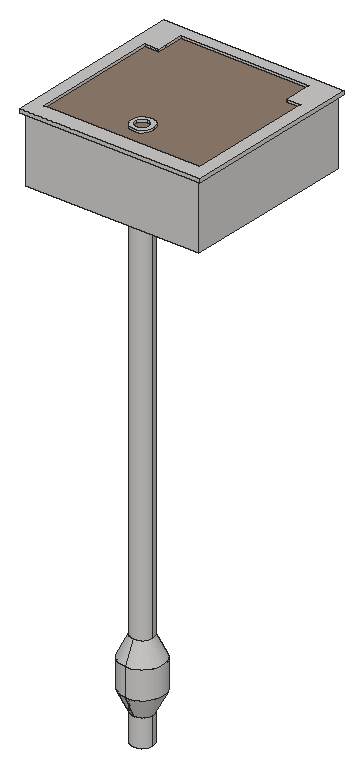
Revit family
Parameters (values of type "5810-02")
  Width = 6 1/2"
  Weight (lb) = 12.5
  Waste Connection = no
  Warranty = "1 year material and workmanship"  # constant formula
  Vent Connection = no
  URL = "http://www.jrsmith.com"
  Technical and Installation = "http://www.jrsmith.com/products/hyd/techdata/hydrants_technical_data.htm"
  SmartBIM Object Version = 3  # constant formula
  SmartBIM Object Created By = "Reed Construction Data"  # constant formula
  Product URL = "http://www.jrsmith.com/products/hyd/submittal/d5810.pdf"
  Pipe Size = 3/4"
  OmniClass Title = "Facility Water Distribution and Piping"  # constant formula
  OmniClass Code = "22-22 11 13"  # constant formula
  Model = "5810"  # constant formula
  Material Finish = Bronze
  Material = Stainless Steel
  Manufacturer = "Jay R. Smith Mfg. Co. "  # constant formula
  HW Connection = no
  Flow Rate = ""
  Description = "Bronze non-freeze ground hydrant with T handle key and bronze hydrant box"  # constant formula
  Depth of Bury = 20"
  Depth = 6 1/2"
  Capacity = ""
  CW Connection = no
  Assembly Code = "D2020300"
  Action = "Key Turn"
  95 CSI = "15100"  # constant formula
  04 CSI = "22 11 13"  # constant formula
Types (9): name | Weight (lb)
  (no name) | 12.5
  5810-02 | 12.5
  5810-03 | 13.09
  5810-04 | 14.89
  5810-05 | 16.27
  5810-06 | 17.93
  5810-07 | 19.65
  5810-08 | 21.32
  5810-SAP | 9.48
Reference planes (in)
  plane 1 "Center (Front/Back)": y = 0
  plane 2: z = 0
  plane 3 "Center (Left/Right)": x = 0
  plane 4: z = 0.125
  plane 5: z = 0
  plane 6: x = -3.25
  plane 7: x = 3.25
  plane 8: y = 3.25
  plane 9: y = -3.25
  plane 10: z = 0.0625
  plane 11: z = -2.375
  plane 12: z = -2.25
  plane 13: x = -3.25
  plane 14: x = 3.125
  plane 15: y = 3.125
  plane 16: y = -3.125
  plane 17: x = 3.125
  plane 18: x = -3.125
  plane 19: x = -3
  plane 20: x = 3
  plane 21: y = 3
  plane 22: y = -3
  plane 23: y = -1.77673
  plane 24: y = -1.77673
  plane 25: z = -19.875
  plane 26: z = -18.875
  plane 27: y = -1.77673
Forms (in)
  Extrusion 1, solid, material "Stainless Steel" <- "Material"
    sketch origin (-66.61573, 53.25, 0.12439) x (-1, 0, 0) y (0, -1, 0)
      loop
        line (-69.86573, 50) -> (-63.36573, 50) -> (-63.36573, 56.5) -> (-69.86573, 56.5) -> (-69.86573, 50)
      loop
        line (-69.43604, 55.975) -> (-69.43604, 51.40625) -> (-68.93448, 51.40625) -> (-68.93448, 50.40625) -> (-64.29698, 50.40625) -> (-64.29698, 51.40625) -> (-63.79698, 51.40625) -> (-63.79698, 55.975) -> (-69.43604, 55.975)
    from -0.12439 to 0.00061
  Extrusion 2, solid, material "Bronze" <- "Material Finish"
    sketch origin (-66.61573, 53.25, 0.12439) x (-1, 0, 0) y (0, -1, 0)
      loop
        line (-64.29698, 50.40625) -> (-64.29698, 51.40625) -> (-63.79698, 51.40625) -> (-63.79698, 55.975) -> (-69.43604, 55.975) -> (-69.43604, 51.40625) -> (-68.93448, 51.40625) -> (-68.93448, 50.40625) -> (-64.29698, 50.40625)
    from -0.12439 to -0.06189
  Extrusion 3, solid, material "Stainless Steel" <- "Material"
    sketch origin (-66.61573, 53.25, 0.12439) x (-1, 0, 0) y (0, -1, 0)
      loop
        circle (-66.61573, 55.0281) r 0.39706
      loop
        circle (-66.61573, 55.0281) r 0.25
    from 0.00061 to -0.06189
  Extrusion 4, solid, material "Stainless Steel" <- "Material"
    sketch origin (-66.61573, 53.25, 0.12439) x (-1, 0, 0) y (0, -1, 0)
      loop
        line (-69.74073, 50.125) -> (-63.49073, 50.125) -> (-63.49073, 56.375) -> (-69.74073, 56.375) -> (-69.74073, 50.125)
    from -0.12439 to -2.49939
  Extrusion 5, void
    sketch origin (0, 0, 0) x (1, 0, 0) y (0, 0, 1)
      loop
        line (-3, 0) -> (-3, -2.25) -> (3, -2.25) -> (3, 0) -> (-3, 0)
    from -3 to 3
  Extrusion 6, solid, material "Stainless Steel" <- "Material"
    sketch origin (-0.0022, 0.00333, 7.25) x (1, 0, 0) y (0, 1, 0)
      loop
        circle (0.0022, -1.78005) r 0.375
    from -23.63114 to -9.625
  Revolve 7, solid, material "Stainless Steel" <- "Material"
    sketch origin (-0.0022, 0.00333, 7.25) x (0, 1, 0) y (0, 0, 1)
      loop
        line (-1.40505, -26.125) -> (-1.02673, -25.37807) -> (-1.02673, -24.37807) -> (-1.40505, -23.63114) -> (-1.40505, -26.125)
      axis (-1.78005, -26.125) -> (-1.78005, -23.63114)
    angle from 0 to 360
  Extrusion 8, solid, material "Stainless Steel" <- "Material"
    sketch origin (-0.0022, -1.49667, 7.25) x (1, 0, 0) y (0, 1, 0)
      loop
        circle (0.0022, -0.28005) r 0.375
    from -26.125 to -27.125
Cuts and joins
  Extrusion 5 cuts Extrusion 1
  Extrusion 5 cuts Extrusion 2
  Extrusion 5 cuts Extrusion 4
Lines and regions (in)
  sketch lines
    curve 1: line (-60, 60, 0) -> (60, 60, 0)
    curve 2: line (-60, 60, 0) -> (-60, -60, 0)
    curve 3: line (-60, -60, 0) -> (60, -60, 0)
    curve 4: line (60, 60, 0) -> (60, -60, 0)
Dimensions and locks (in)
  equal spacing: curve 3, plane 1 "Center (Front/Back)", curve 1
  equal spacing: curve 4, plane 3 "Center (Left/Right)", curve 2
  curve 3 to curve 1 = 120"
  curve 2 to curve 4 = 120"
  locked: plane 4 to plane 5 at 0.125
  equal spacing: plane 6, plane 3 "Center (Left/Right)", plane 7
  "Width": plane 6 to plane 7
  equal spacing: plane 9, plane 1 "Center (Front/Back)", plane 8
  "Depth": plane 8 to plane 9
  locked: plane 4 to plane 10 at 0.0625
  locked: plane 4 to plane 11 at 2.5
  locked: plane 12 to plane 11 at 0.125
  plane 13 to plane 6 = 0"
  locked: plane 14 to plane 7 at 0.125
  locked: plane 8 to plane 15 at 0.125
  locked: plane 9 to plane 16 at 0.125
  locked: plane 9 to Extrusion 3 sketch curve at 1.4719
  locked: plane 17 to plane 7 at 0.125
  locked: plane 19 to plane 18 at 0.125
  locked: plane 20 to plane 17 at 0.125
  locked: plane 15 to plane 21 at 0.125
  locked: plane 16 to plane 22 at 0.125
  locked: plane 13 to plane 18 at 0.125
  locked: Revolve 7 sketch curve to Revolve 7 sketch curve at 0.375
  locked: Revolve 7 sketch curve to Revolve 7 sketch curve at 0.37833
  locked: plane 25 to plane 26 at 1
  "Depth of Bury": plane 4 to plane 25
  plane 26 to Revolve 7 sketch curve to Revolve 7 sketch curve to Revolve 7 sketch curve = 0.74693" locked, 1" locked, 0.74693" locked
  locked: plane 23 to plane 1 "Center (Front/Back)" at 1.77673
  locked: plane 1 "Center (Front/Back)" to plane 27 at 1.77673
  radius of Extrusion 6 sketch curve = 3/8"
  radius of Extrusion 8 sketch curve = 3/8"
  aligned and locked: plane 2 to plane 5
  aligned and locked: Extrusion 3 to plane 10
  aligned and locked: plane 4 to Extrusion 3
  aligned and locked: Extrusion 2 to level
  aligned and locked: Extrusion 2 to Extrusion 3
  aligned and locked: plane 15 to Extrusion 4 sketch curve
  aligned and locked: plane 16 to Extrusion 4 sketch curve
  aligned and locked: Extrusion 2 sketch curve to Extrusion 1  (x8)
  aligned and locked: plane 3 "Center (Left/Right)" to Extrusion 3 sketch curve
  aligned and locked: Extrusion 4 to plane 17
  aligned and locked: Extrusion 4 to plane 11
  aligned and locked: Extrusion 4 to plane 18
  aligned and locked: Extrusion 5 sketch curve to plane 19
  aligned and locked: Extrusion 5 sketch curve to plane 5
  aligned and locked: Extrusion 5 sketch curve to plane 12
  aligned and locked: plane 20 to Extrusion 5 sketch curve
  aligned and locked: plane 22 to cut or joined group of Extrusion 4, Extrusion 5
  aligned and locked: plane 21 to cut or joined group of Extrusion 4, Extrusion 5
  aligned and locked: plane 23 to Extrusion 6 sketch curve
  aligned and locked: plane 11 to Extrusion 6
  aligned and locked: plane 3 "Center (Left/Right)" to Extrusion 6 sketch curve
  aligned and locked: Revolve 7 to Extrusion 6
  aligned and locked: plane 24 to Extrusion 8 sketch curve
  aligned and locked: plane 3 "Center (Left/Right)" to Extrusion 8 sketch curve
  aligned and locked: Extrusion 8 to Revolve 7
  aligned and locked: Extrusion 8 to plane 25
  aligned and locked: plane 27 to Revolve 7 sketch curve
  aligned and locked: plane 24 to plane 27
Automatic sketch dimensions
  Extrusion 1 sketch curve to plane 7 = 0"
  Extrusion 1 sketch curve to plane 6 = 0"
  Extrusion 1 sketch curve to plane 8 = 0"
  Extrusion 1 sketch curve to plane 9 = 0"
  plane 20 to Extrusion 1 sketch curve = 23/128"
  Extrusion 1 sketch curve to plane 21 = 5/32"
  plane 20 to Extrusion 1 sketch curve = 0.68125"
  plane 19 to Extrusion 1 sketch curve = 0.68125"
  plane 19 to Extrusion 1 sketch curve = 0.18125"
  Extrusion 1 sketch curve to Extrusion 1 sketch curve = 1"  (x2)
  Extrusion 1 sketch curve to plane 22 = 0.275"
  Extrusion 3 sketch curve to Extrusion 3 sketch curve = 0"  (x2)
  Extrusion 4 sketch curve to plane 14 = 0"
  Extrusion 4 sketch curve to plane 18 = 0"
  Revolve 7 sketch curve to Revolve 7 sketch curve = 0.25307"
  Revolve 7 sketch curve to Revolve 7 sketch curve = 0.74693"
  Revolve 7 sketch curve to Revolve 7 sketch curve = 0.4056"
  radius of Extrusion 3 sketch curve = 0.39706"
  radius of Extrusion 3 sketch curve = 1/4"
